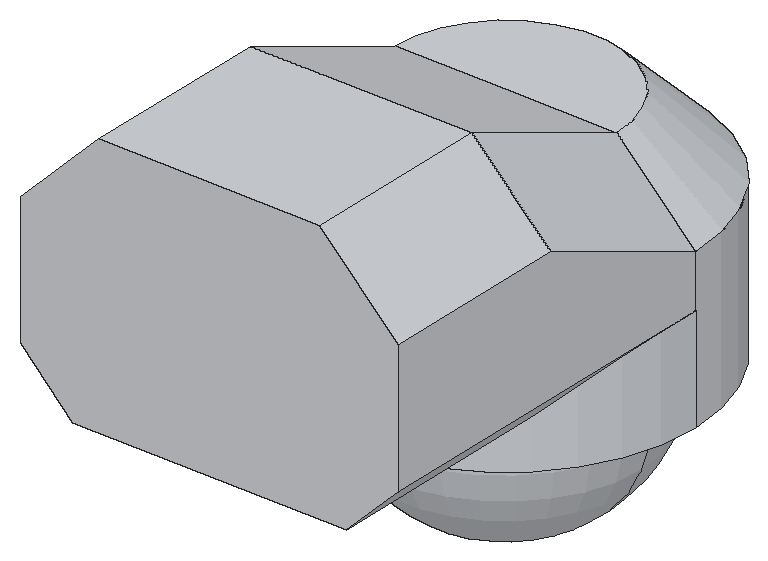
Revit family "Domotics-SerieCivili-GEWISS-27COMBI_SYSTEM-IP55_RILEVATORI_MOVIMENTO", category Modelli generici, host Muro, Revit 2016
Family settings
  Host = Muro
  Tipo di parte = Normale
  Può ospitare armatura = No
  Quota connettore circolare = Usa diametro
  Sempre verticale = Sì
  Taglio con vuoti quando caricato = No
  Condiviso = No
  Punto di calcolo locali = No
Parameters (values of type "GW27431B - Rivelatore di movimento IR IP55-230V")
  Versione file RFA = "18.0"
  URL = "https://www.gewiss.com/it/it"
  Termopressione con biglia = "70 °C"
  Temperatura di installazione = "-25 +60 °C"
  Simbolo [instance] = yes
  Scheda Tecnica = "https://www.gewiss.com/it/it/search?q=GW27431B"
  Regolazione soglia crepuscolare = "5 - 1000 lux"
  Regolazione durata intervento = "5 sec. - 12 min."
  Raggio d'azione = "12m"
  Produttore = "GEWISS S.p.A."
  Norma di riferimento = "EN 60669-2-1"
  Modello = "GW27431B"
  Immagine tipo = GW27431B.jpg
  IFC.TypeObject = ""
  IFC.ExportType = ""
  IFC.ExportAs = ""
  IDT = "666a0526-0741-48d4-9456-c3f3148265d2"
  IDF = "f4fab981-b3b7-4adc-a284-171d882b8185"
  Grado di protezione = "IP55"
  Glow Wire Test = "650°C"
  Distanza orizzontale del simbolo [instance] = 120.319 mm
  Distanza dal muro [instance] = 4.208 mm
  Dim. esterne BxHxP (mm) = "72x88x106"
  Descrizione = "RIVELATORE DI MOVIMENTO IR IP55-230V"
  Creato da GEWISS S.p.A. = ""
  Cornice simbolo [instance] = yes
  Codice Electrocod = "0143                "
  Codice EAN = "8011564825338"
  Classe isolamento = "II"
  Catalogo Serie = "27COMBI"
  Catalogo = "DOMOTICS"
  COBie.Tagnumber = ""
  COBie.CreatedOn = ""
  COBie.CreatebBy = ""
  COBie.ComponentRegisterItemID = ""
  COBie.Component.TagNumber = ""
  COBie.Component.Space = ""
  COBie.Component.SerialNumber = ""
  COBie.Component.InstallationDate = ""
  COBie.Component.Description = ""
  COBie.Component.BarCode = ""
Reference planes
  plane 1 "Muro": y = 0
  plane 2 "Centro (Sinistra/Destra)": x = 125
  plane 3 "Indietro": y = 75
  plane 4: x = 89
  plane 5: x = 161
  plane 6: y = 181
  plane 7: z = 1139.816
  plane 8: z = 1051.816
  plane 9: y = 111
  plane 10: x = 4.681
Forms (mm)
  Extrusion 1, solid
    sketch origin (0, 0, 0) x (1, 0, 0) y (0, 0, 1)
      loop
        line (146, 1139.816) -> (104, 1139.816) -> (89, 1124.816) -> (89, 1099.816) -> (99, 1089.816) -> (151, 1089.816) -> (161, 1099.816) -> (161, 1124.816) -> (146, 1139.816)
    from -111 to -75
  Blend 2, solid
    base sketch origin (0, 0, 0) x (1, 0, 0) y (0, 0, 1)
      loop
        line (146, 1139.816) -> (104, 1139.816) -> (89, 1124.816) -> (89, 1099.816) -> (99, 1089.816) -> (151, 1089.816) -> (161, 1099.816) -> (161, 1124.816) -> (146, 1139.816)
    top sketch origin (0, 0, 0) x (1, 0, 0) y (0, 0, 1)
      loop
        line (146, 1124.816) -> (104, 1124.816) -> (89, 1109.816) -> (89, 1099.816) -> (99, 1089.816) -> (151, 1089.816) -> (161, 1099.816) -> (161, 1109.816) -> (146, 1124.816)
    from -111 to -145.364
  Revolve 3, solid
    sketch origin (-116.616, 145.364, 0) x (1, 0, 0) y (0, 0, 1)
      loop
        line (277.616, 1109.816) -> (262.616, 1124.816) -> (241.616, 1124.816) -> (241.616, 1079.816) -> (277.616, 1079.816) -> (277.616, 1109.816)
      axis (241.616, 1079.816) -> (241.616, 1124.816)
    angle from 360 to 0
  Revolve 4, solid
    sketch origin (0, 145.364, -10) x (1, 0, 0) y (0, 0, 1)
      loop
        line (153, 1089.816) -> (125, 1089.816) -> (125, 1061.816)
        arc (125, 1061.816) -> (144.799, 1070.017) -> (153, 1089.816) r 28
      axis (125, 1061.816) -> (125, 1089.816)
    angle from 0 to 360
Cuts and joins
  joined: Extrusion 1, Blend 2, Revolve 3
Text (mm)
  text "Lato posizionamento" at (-1848.837, 1116.779, 0), in view "Livello rif."
  text "Lato posizionamento" at (0, 1409.804, 2854.306), in view "Sinistra"
  text "Lato posizionamento" at (0, 499.811, 2980.732), in view "Destra"
Dimensions and locks
  locked: plane 3 "Indietro" to host wall
  plane 2 "Centro (Sinistra/Destra)" to plane 5 = 36 mm
  equal spacing: plane 4, plane 2 "Centro (Sinistra/Destra)", plane 5
  locked: plane 6 to plane 3 "Indietro" at 106
  locked: plane 6 to Blend 2 at 35.636
  locked: plane 8 to plane 7 at 88
  locked: plane 9 to plane 3 "Indietro" at 36
  "Distanza orizzontale del simbolo": plane 10 to plane 2 "Centro (Sinistra/Destra)"
  aligned and locked: plane 1 "Muro" to host wall
  aligned and locked: plane 5 to Extrusion 1 sketch curve
  aligned and locked: Extrusion 1 sketch curve to plane 4
  aligned and locked: Blend 2 to Extrusion 1
  aligned and locked: Blend 2 to Revolve 3 sketch curve
  aligned and locked: plane 3 "Indietro" to cut or joined group of Extrusion 1, Blend 2, Revolve 3
  aligned and locked: plane 9 to Extrusion 1
  aligned and locked: plane 10 to nested 1
Automatic sketch dimensions
  Revolve 3 sketch curve to Revolve 3 sketch curve = 21 mm
  Revolve 3 sketch curve to Revolve 3 sketch curve = 36 mm
  Revolve 3 sketch curve to Blend 2 = 10 mm
  Blend 2 to Revolve 3 sketch curve = 15 mm
  Blend 2 to Revolve 3 sketch curve = 36 mm
  Revolve 3 sketch curve to Blend 2 = 1589.857 mm
  Revolve 3 sketch curve to Revolve 3 sketch curve = 2260.241 mm
  Revolve 4 sketch curve to Blend 2 = 10 mm  (x2)
  Revolve 4 sketch curve to Blend 2 = 8.485 mm  (x2)
  Revolve 4 sketch curve to Revolve 4 sketch curve = 0 mm
  Revolve 4 sketch curve to Revolve 4 sketch curve = 10 mm
  Extrusion 1 sketch curve to plane 7 = 0 mm
  plane 4 to Extrusion 1 sketch curve = 10 mm
  plane 4 to Extrusion 1 sketch curve = 15 mm
  Extrusion 1 sketch curve to plane 5 = 15 mm
  Extrusion 1 sketch curve to plane 5 = 10 mm
  Extrusion 1 sketch curve to plane 7 = 15 mm  (x2)
  Extrusion 1 sketch curve to Extrusion 1 sketch curve = 25 mm  (x2)
  Extrusion 1 sketch curve to Extrusion 1 sketch curve = 10 mm
  Blend 2 sketch curve to plane 4 = 0 mm  (x2)
  Blend 2 sketch curve to plane 5 = 0 mm  (x2)
  plane 4 to Blend 2 sketch curve = 10 mm  (x2)
  plane 4 to Blend 2 sketch curve = 15 mm  (x2)
  Blend 2 sketch curve to plane 5 = 15 mm  (x2)
  Blend 2 sketch curve to plane 5 = 10 mm  (x2)
  plane 8 to Blend 2 sketch curve = 38 mm
  Blend 2 sketch curve to Blend 2 sketch curve = 10 mm  (x5)
  Blend 2 sketch curve to plane 7 = 15 mm  (x3)
  Blend 2 sketch curve to plane 7 = 0 mm
  Blend 2 sketch curve to Blend 2 sketch curve = 25 mm  (x2)
  Blend 2 to Revolve 3 sketch curve = 0 mm
Nested families
  nested 1: "RILEVMOVIR" at (4.681, 268.916, 0), Distanza dal muro <- "Distanza dal muro", BORDO ACCESO <- "Cornice simbolo", SIMBOLO <- "Simbolo", type "IR"
    with SIMBOLO yes, Distanza dal muro 4.208 mm, BORDO ACCESO yes
Definition of nested family "RILEVMOVIR"
  Parameters (values of type "IR")
    Simbolo = RILEVMOVIR_BASE : IR
    SIMBOLO [instance] = yes
    Distanza dal muro [instance] = 4.208 mm
    BORDO ACCESO [instance] = yes
  Reference planes
    plane 1: y = 0
    plane 2: x = 0
  Dimensions and locks
    "Distanza dal muro": plane 1 to nested 1
    aligned and locked: plane 2 to nested 1
  Nested families
    nested 1: "RILEVMOVIR_BASE" at (0, 4.208, 0), BORDO ACCESO <- "BORDO ACCESO", type <- "Simbolo", visible <- "SIMBOLO", type "IR"
      with BORDO ACCESO yes
  Definition of nested family "RILEVMOVIR_BASE"
    Parameters (values of type "IR")
      TXT = "IR"
      Distanza dal muro = 4.208 mm
      BORDO ACCESO [instance] = yes
    Reference planes
      plane 1: y = 0
      plane 2: x = 0
    Lines and regions (mm)
      detail lines, visible <- "BORDO ACCESO"
        curve 1: line (-1, 2.5, 0) -> (1, 2.5, 0)
        curve 2: line (1, 2.5, 0) -> (1, 0, 0)
        curve 3: line (1, 0, 0) -> (-1, 0, 0)
        curve 4: line (-1, 0, 0) -> (-1, 2.5, 0)
        curve 5: line (-0.9, 2.4, 0) -> (0.9, 2.4, 0)
        curve 6: line (0.9, 2.4, 0) -> (0.9, 0.1, 0)
        curve 7: line (0.9, 0.1, 0) -> (-0.9, 0.1, 0)
        curve 8: line (-0.9, 0.1, 0) -> (-0.9, 2.4, 0)
      detail lines, visible <- "BORDO ACCESO", not visible
        curve 9: line (-1.743, 9.208, 0) -> (2.057, 9.208, 0)
        curve 10: line (2.057, 9.208, 0) -> (2.057, 4.208, 0)
        curve 11: line (2.057, 4.208, 0) -> (-1.743, 4.208, 0)
        curve 12: line (-1.743, 4.208, 0) -> (-1.743, 9.208, 0)
        curve 13: line (-1.543, 9.008, 0) -> (1.857, 9.008, 0)
        curve 14: line (1.857, 9.008, 0) -> (1.857, 4.408, 0)
        curve 15: line (1.857, 4.408, 0) -> (-1.543, 4.408, 0)
        curve 16: line (-1.543, 4.408, 0) -> (-1.543, 9.008, 0)
      detail lines
        curve 17: line (0.084, 2.148, 0) -> (-0.64, 2.148, 0)
        curve 18: line (-0.64, 2.148, 0) -> (-0.64, 0.384, 0)
        curve 19: line (-0.64, 0.384, 0) -> (0.084, 0.384, 0)
        curve 20: line (0.084, 0.384, 0) -> (0.084, 0.573, 0)
        curve 21: line (0.084, 0.573, 0) -> (0.253, 0.596, 0)
        curve 22: line (0.253, 0.596, 0) -> (0.411, 0.661, 0)
        curve 23: line (0.411, 0.661, 0) -> (0.546, 0.765, 0)
        curve 24: line (0.546, 0.765, 0) -> (0.65, 0.9, 0)
        curve 25: line (0.65, 0.9, 0) -> (0.715, 1.058, 0)
        curve 26: line (0.715, 1.058, 0) -> (0.737, 1.227, 0)
        curve 27: line (0.737, 1.227, 0) -> (0.715, 1.396, 0)
        curve 28: line (0.715, 1.396, 0) -> (0.65, 1.553, 0)
        curve 29: line (0.65, 1.553, 0) -> (0.546, 1.689, 0)
        curve 30: line (0.546, 1.689, 0) -> (0.411, 1.793, 0)
        curve 31: line (0.411, 1.793, 0) -> (0.253, 1.858, 0)
        curve 32: line (0.253, 1.858, 0) -> (0.084, 1.88, 0)
        curve 33: line (0.084, 1.88, 0) -> (0.084, 2.148, 0)
    Text (mm)
      label "IR" at (0.07, 1.229, 0), shows "TXT"
    Dimensions and locks
      aligned and locked: curve 3 to plane 1
